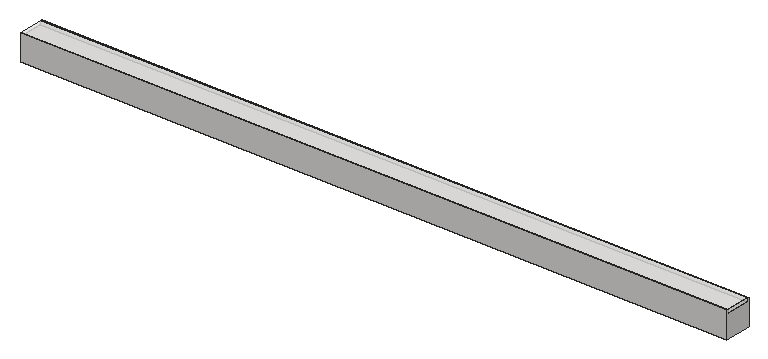
Revit family "Lighting-Luminii-Kurba_Max_Horizontal", category Lighting Fixtures, host Face, Revit 2020
Family settings
  Host = Face
  Round Connector Dimension = Use Diameter
  Part Type = Normal
  OmniClass Number = 23.80.70.11.14.11
  OmniClass Title = Downlights
  Cut with Voids When Loaded = No
  Light Source = Yes
  Shared = Yes
  Room Calculation Point = No
Parameters (values of type "Kubra Max Horizontal")
  Width = 57/64"  # constant formula
  Wattage Comments = "5.0 W/ft"
  Wattage = 5 W
  Warranty URL = "https://www.luminii.com/terms-conditions/"
  built-in parameter 1150110 = 1 (stored number, unit not read)
  Voltage Comments = "120VAC - 277VAC"  # constant formula
  Voltage = 120 V
  Version = "2020 - v1.0a"  # constant formula
  URL = "https://www.luminii.com/"
  built-in parameter 1114217 = 1 (stored number, unit not read)
  Tilt Angle = -90.00°  # constant formula
  built-in parameter 1150109 = 1 (stored number, unit not read)
  built-in parameter 1150134 = (empty or 0)
  built-in parameter 1150113 = 1 (stored number, unit not read)
  Support Phone = "224-699-9545"  # constant formula
  Support Email = "mailto:support@bimsmith.com"
  Product Page URL = "Consult Manufacturer Website for more Information"
  Power Source Type = "Driver"  # constant formula
  Power Factor = 1
  Photometric Web File = "KBX-SF-H-30K-IEPF-IEC-24_IESNA2002.IES"
  Phase = 1
  Operating Temperature = "Consult Manufacturer Website for more Information"  # constant formula
  Number of Poles = if(and(or(Voltage = 120 V, Voltage = 277 V), Phase = 1), 1, if(and(or(Voltage = 208 V, Voltage = 240 V), Phase = 1), 2, if(and(or(Voltage = 208 V, Voltage = 240 V), Phase = 3), 3, if(and(Voltage > 300 V, Phase = 1), 2, if(and(Voltage > 400 V, Phase = 3), 3, 1)))))  # 1
  Mounting Method = "Mounting Options: Mounting Channel, Mounting Bracket"  # constant formula
  Model = "KBX-SF-H"  # constant formula
  Manufacturer Phone Number = "403-216-7043"  # constant formula
  Manufacturer Email = "mailto: info@sensolighting.com"
  Manufacturer Address = "302 50 Ave SE. Calgary, Alberta, T2G 2A9 Canada"  # constant formula
  Manufacturer = "Luminii"  # constant formula
  built-in parameter 1150105 = 335 (stored number, unit not read)
  Lumens = 335 lm
  Luminaire Type = "Flexible LED strip 24 VDC"  # constant formula
  built-in parameter 1150115 = 1 (stored number, unit not read)
  Load Classification = Lighting
  built-in parameter 1150137 = (empty or 0)
  built-in parameter 1150139 = (empty or 0)
  Lens Material = Plastic - Luminii - Frosted Lens
  Length [instance] = if(Desired Length < 12", 12", if(Desired Length > 216", 216", (round(Desired Length / 2")) * 2"))  # 24"
  built-in parameter 1150112 = 1 (stored number, unit not read)
  built-in parameter 1150114 = 1 (stored number, unit not read)
  Lamp Life = 1
  Lamp = "LED"  # constant formula
  Keynote = "26 50 00"
  built-in parameter 1150132 = (empty or 0)
  built-in parameter 1150102 = (empty or 0)
  built-in parameter 1150107 = 3000 (stored number, unit not read)
  Initial Color Comments = "Perfomance based on 3000K Photometric Web File"  # constant formula
  built-in parameter 1150138 = (empty or 0)
  built-in parameter 1150106 = 3.35 (stored number, unit not read)
  Housing Protection Rating = "Consult Manufacturer Website for more Information"  # constant formula
  Height = 225/256"  # constant formula
  Has Dimming = 1 = 1  # yes
  Has Battery Backup = 0 = 1  # no
  Frequency Comments = ""  # constant formula
  Frequency = 60 Hz
  Finish = Metal - Luminii - Silver Anodized Aluminum
  Environment = "Indoor"  # constant formula
  Emit from Line Length = 48"
  built-in parameter 1150104 = 6.2245 (stored number, unit not read)
  Dimming Type = "Consult Manufacturer Website for more Information"  # constant formula
  Dimming Lamp Color Temperature Shift = <None>
  Desired Length [instance] = 24"
  Description = "Flexible LED strip 24 VDC"  # constant formula
  Default Elevation = 0"  # constant formula
  Current Amps = 50 A
  Copyright = "©2024 Luminii"  # constant formula
  Control Zone = "Consult Manufacturer Website for more Information"  # constant formula
  Control Type = "Consult Manufacturer Website for more Information"  # constant formula
  Color Filter = 16777215
  built-in parameter 1114216 [instance] = 0  # (empty or 0)
  built-in parameter 1140040 [instance] = 1 = 1  # 1
  CCT = "3000K"
  built-in parameter 1114218 = 1 (stored number, unit not read)
  built-in parameter 1150133 = 10 (stored number, unit not read)
  Assembly Code = "D5040.50"
  Apparent Load = Wattage / Power Factor  # 5 VA
Reference planes (in)
  plane 1 "Center (Front/Back)": y = 0
  plane 2: z = 0
  plane 3 "Center (Left/Right)": x = 0
  plane 4: x = 0
  plane 5: x = 0
  plane 6: y = 0.44531
  plane 7: y = -0.44531
  plane 8: x = -12
  plane 9: x = 12
  plane 10: z = 0
  plane 11: z = 1.5
Forms (in)
  Extrusion 1, solid, material "Metal - Luminii - Silver Anodized Aluminum", not visible
    sketch origin (0, 0, -0.01563) x (1, 0, 0) y (0, 1, 0)
      loop
        circle (0, 0) r 0.03125
    from 0.01562 to 0.02575
Dimensions and locks (in)
  equal spacing: plane 4, plane 3 "Center (Left/Right)", plane 5
  equal spacing: plane 6, plane 1 "Center (Front/Back)", plane 7
  plane 4 to plane 5 = 0"
  "Width": plane 6 to plane 7
  equal spacing: plane 8, plane 3 "Center (Left/Right)", plane 9
  "Length": plane 8 to plane 9
  Extrusion 1 to plane 2 = 0.01013"
  plane 1 "Center (Front/Back)" to imposter light = 0"
  locked: plane 10 to plane 2
  locked: Extrusion 1 to plane 10 at 0.01013
  aligned and locked: plane 2 to host face
  aligned and locked: plane 3 "Center (Left/Right)" to Extrusion 1 sketch curve
  aligned and locked: imposter light to plane 3 "Center (Left/Right)"
  aligned and locked: plane 1 "Center (Front/Back)" to Extrusion 1 sketch curve
  aligned and locked: plane 10 to Extrusion 1
  aligned and locked: imposter light to plane 11
  aligned and locked: plane 1 "Center (Front/Back)" to imposter light
Automatic sketch dimensions
  host sketch curve to host sketch curve = 96"  (x2)
  radius of Extrusion 1 sketch curve = 1/32"
Nested families (in)
  nested 1: "Nested Lamp" at (0, 0, 0), type "Nested Lamp"
Connectors (in)
  electrical at (0, 0, 0), driven by "Number of Poles", driven by "Load Classification", driven by "Voltage", driven by "Apparent Load", driven by "Power Factor"
    settings: on Extrusion 1, index 1, voltage 120 V, apparent load 5 VA, apparent load phase1 0 VA, apparent load phase2 0 VA, apparent load phase3 0 VA, power factor 1, load classification "Lighting", number of poles 1, system type 30, power factor state 1, is connector primary yes, connector utility no, sub classification motor no, connector description "Power Connection"
Definition of nested family "Nested Lamp"
  Parameters (values of type "Nested Lamp")
    Width = 57/64"
    Lens = none
    Length = 24"
    Height = 225/256"
    Finish = none
    Default Elevation = 48"
  Reference planes (in)
    plane 1 "Center (Front/Back)": y = 0
    plane 2: z = 0
    plane 3 "Center (Left/Right)": x = 0
    plane 4: x = -11.92187
    plane 5: x = 11.92188
    plane 6: x = 12
    plane 7: x = -12
    plane 8: y = 0.44531
    plane 9: y = -0.44531
    plane 10: z = 0.87891
  Forms (in)
    Extrusion 1, solid
      sketch origin (0, 0, 0) x (1, 0, 0) y (0, 1, 0)
        loop
          line (-48, 48) -> (-48, -48) -> (48, -48) -> (48, 48) -> (-48, 48)
      from 0 to -12
    Sweep 2, solid, material <- "Lens"
      path origin (0, 0, 0) x (1, 0, 0) y (0, 1, 0)
        loop
          line (-11.92187, 0) -> (11.92188, 0)
      profile origin (0, 0, 0) x (0, 1, 0) y (0, 0, 1)
        loop
          line (0.41406, 0.87891) -> (-0.41406, 0.87891) -> (-0.41406, 0.75391) -> (0.41406, 0.75391) -> (0.41406, 0.87891)
    Sweep 3, solid, material <- "Finish"
      path origin (0, 0, 0) x (1, 0, 0) y (0, 1, 0)
        loop
          line (-11.92187, 0) -> (11.92188, 0)
      profile origin (0, 0, 0) x (0, 1, 0) y (0, 0, 1)
        loop
          line (0.44531, 0.87891) -> (0.41406, 0.87891) -> (0.41406, 0.75391) -> (-0.41406, 0.75391) -> (-0.41406, 0.87891) -> (-0.44531, 0.87891) -> (-0.44531, 0) -> (0.44531, 0) -> (0.44531, 0.87891)
  Dimensions and locks (in)
    "Length": plane 7 to plane 6
    locked: plane 7 to plane 4 at 0.07813
    locked: plane 5 to plane 6 at 0.07813
    equal spacing: plane 7, plane 3 "Center (Left/Right)", plane 6
    "Height": plane 10 to plane 2
    equal spacing: plane 8, plane 1 "Center (Front/Back)", plane 9
    "Width": plane 8 to plane 9
    aligned and locked: plane 2 to Extrusion 1
    aligned and locked: level to Extrusion 1
    aligned and locked: plane 5 to Sweep 2 sketch curve
    aligned and locked: plane 4 to Sweep 2 sketch curve
    aligned and locked: plane 1 "Center (Front/Back)" to Sweep 2 sketch curve
  Automatic sketch dimensions
    Extrusion 1 sketch curve to Extrusion 1 sketch curve = 96"  (x2)
    plane 1 "Center (Front/Back)" to Sweep 3 sketch curve = 0"
    Sweep 3 sketch curve to plane 4 = 0"
    Sweep 3 sketch curve to plane 5 = 0"
    level to Sweep 2 sketch curve = 225/256"
    Sweep 2 sketch curve to profile plane = 53/128"
    level to Sweep 2 sketch curve = 193/256"
    profile plane to Sweep 2 sketch curve = 53/128"
    Sweep 3 sketch curve to level = 0"
    profile plane to Sweep 3 sketch curve = 57/128"
    Sweep 3 sketch curve to profile plane = 53/128"
    Sweep 3 sketch curve to Sweep 3 sketch curve = 1/8"  (x2)
    Sweep 3 sketch curve to Sweep 3 sketch curve = 1/32"  (x2)
    level to Sweep 3 sketch curve = 193/256"
